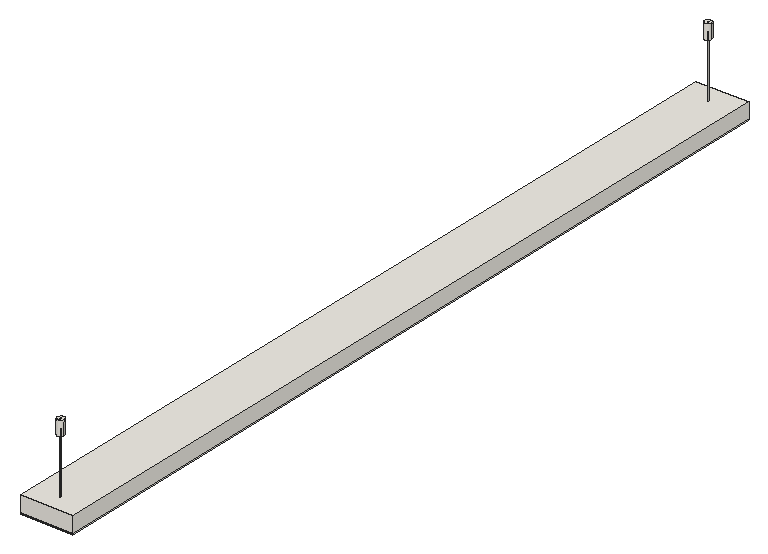
Revit family "ERA_LF_PR_SPO-5-40", category Осветительные приборы, Revit 2019 (continued)
Types (4, lengths in mm): name | Файл фотометрической сетки | built-in parameter 1150142 | Lumens | built-in parameter 1150107 | URL | ADSK_Масса | ADSK_Марка | ADSK_Обозначение | ADSK_Наименование
  SPO-5-40-6K-M (F), LED, IP20, 1200х75х24 мм (ДхШхВ), 36 Вт, 6500 К, 3060 лм, класс защиты I, в комплекте (импульсный драйвер, поликарбонат) | "SPO-5-40-6K-M (F).ies" | "IESNA:LM-63-1995\r\n[DATA] 26.11.2020\r\n[MANUFAC]??РА\r\n[LUMCAT] \r\n[LUMINAIRE] Светильник SPO-5-40-6K-M (F)\r\n[LAMP] Светодиодный модуль\r\nTILT=NONE\r\n1 3477 3.486 181 37 1 2 1.202 0.07 0.025\r\n1 1 38.568\r\n0 1 2 3 4 5 6 7 8 9 10 11 12 13 14 15 16 17 18 19 20 21 22 23 24 25 26 27 28 29 30 31 32 33 34 35 36 37 38 39 40 41 42 43 44 45 46 47 48 49 50 51 52 53 54 55 56 57 58 59 60 61 62 63 64 65 66 67 68 69 70 71 72 73 74 75 76 77 78 79 80 81 82 83 84 85 86 87 88 89 90 91 92 93 94 95 96 97 98 99 100 101 102 103 104 105 106 107 108 109 110 111 112 113 114 115 116 117 118 119 120 121 122 123 124 125 126 127 128 129 130 131 132 133 134 135 136 137 138 139 140 141 142 143 144 145 146 147 148 149 150 151 152 153 154 155 156 157 158 159 160 161 162 163 164 165 166 167 168 169 170 171 172 173 174 175 176 177 178 179 180 \r\n0 10 20 30 40 50 60 70 80 90 100 110 120 130 140 150 160 170 180 190 200 210 220 230 240 250 260 270 280 290 300 310 320 330 340 350 360 \r\n319.5 319.5 319.3 319.1 318.9 318.4 317.9 317.3 316.5 315.6 314.6 313.5 312.3 310.9 309.5 307.9 306.2 304.5 302.6 300.6 298.5 296.4 294.1 291.7 289.2 286.6 283.9 281.1 278.2 275.2 272.2 269.1 265.9 262.6 259.2 255.8 252.4 248.8 245 241.3 237.5 233.7 229.8 225.7 221.6 217.4 213.2 208.9 204.5 200.1 195.7 191.3 186.9 182.3 177.7 173.1 168.5 163.9 159.4 155 150.6 146.3 142.2 138 134 130 126.1 122.2 118.4 114.6 110.9 107.2 103.6 100 96.4 92.9 89.4 85.9 82.6 79.2 75.9 72.7 69.6 66.4 63.3 60.3 57.3 54.4 51.6 48.8 46.1 43.4 40.9 38.4 35.9 33.4 30.9 28.6 26.4 24.3 22.3 20.4 18.6 16.8 15.1 13.6 12 10.6 9.3 8 6.9 5.8 4.8 4 3.2 0 0 0 0 0 0 0 0 0 0 0 0 0 0 0 0 0 0 0 0 0 0 0 0 0 0 0 0 0 0 0 0 0 0 0 0 0 0 0 0 0 0 0 0 0 0 0 0 0 0 0 0 0 0 0 0 0 0 0 0 0 0 0 0 0 0\r\n319.5 319.4 319.3 319 318.6 318.1 317.5 316.8 316 315 314 312.9 311.6 310.2 308.8 307.2 305.5 303.8 301.9 300 297.9 295.7 293.5 291.1 288.7 286.1 283.5 280.7 277.9 275 271.9 268.8 265.6 262.3 258.8 255.4 251.8 248.1 244.3 240.5 236.6 232.6 228.6 224.5 220.3 216.1 211.8 207.4 203 198.6 194.1 189.7 185.2 180.5 175.9 171.3 166.6 162 157.4 152.9 148.4 144.1 139.9 135.8 131.8 127.9 124 120.3 116.5 112.8 109.1 105.4 101.8 98.2 94.7 91.3 87.9 84.5 81.2 77.9 74.7 71.5 68.4 65.3 62.3 59.3 56.4 53.6 50.8 48 45.3 42.7 40.1 37.6 35.1 32.6 30.2 27.8 25.6 23.5 21.5 19.6 17.8 16.1 14.5 12.9 11.5 10 8.7 7.5 6.3 5.3 4.4 3.6 0 0 0 0 0 0 0 0 0 0 0 0 0 0 0 0 0 0 0 0 0 0 0 0 0 0 0 0 0 0 0 0 0 0 0 0 0 0 0 0 0 0 0 0 0 0 0 0 0 0 0 0 0 0 0 0 0 0 0 0 0 0 0 0 0 0 0\r\n319.5 319.4 319.3 319 318.6 318.1 317.5 316.8 316 315 314 312.9 311.6 310.3 308.9 307.3 305.7 303.9 302 300 297.9 295.8 293.5 291.1 288.6 286.1 283.4 280.6 277.8 274.9 271.8 268.7 265.5 262.2 258.8 255.3 251.8 248.2 244.4 240.6 236.7 232.7 228.7 224.6 220.4 216.2 211.9 207.6 203.3 198.8 194.4 189.9 185.5 180.9 176.4 171.8 167.2 162.6 157.9 153.3 148.8 144.3 139.9 135.6 131.5 127.4 123.3 119.4 115.5 111.7 107.9 104.2 100.5 96.8 93.3 89.7 86.3 82.8 79.4 76.1 72.8 69.5 66.4 63.3 60.2 57.2 54.3 51.4 48.6 45.8 43.1 40.5 37.9 35.4 32.9 30.4 27.9 25.6 23.4 21.3 19.4 17.6 15.9 14.3 12.7 11.3 9.9 8.6 7.3 6.2 5.2 4.3 3.5 0 0 0 0 0 0 0 0 0 0 0 0 0 0 0 0 0 0 0 0 0 0 0 0 0 0 0 0 0 0 0 0 0 0 0 0 0 0 0 0 0 0 0 0 0 0 0 0 0 0 0 0 0 0 0 0 0 0 0 0 0 0 0 0 0 0 0 0\r\n319.5 319.5 319.3 319 318.7 318.2 317.6 316.9 316.1 315.2 314.2 313.1 311.8 310.5 309.1 307.5 305.9 304.1 302.2 300.2 298.2 296 293.7 291.3 288.8 286.3 283.7 280.9 278 275.1 272 268.9 265.7 262.4 259 255.5 251.9 248.2 244.4 240.6 236.7 232.7 228.7 224.5 220.3 216.1 211.7 207.4 202.9 198.4 193.9 189.3 184.7 180 175.3 170.6 165.9 161.1 156.3 151.6 146.9 142.2 137.6 133.1 128.6 124.3 120.1 115.9 111.8 107.9 103.9 100.1 96.3 92.5 88.9 85.2 81.7 78.2 74.8 71.4 68.1 64.9 61.7 58.6 55.5 52.5 49.6 46.7 43.9 41.2 38.3 35.7 33.3 30.9 28.5 26 23.6 21.4 19.4 17.5 15.7 14.2 12.6 11.2 9.9 8.6 7.4 6.3 5.2 4.3 3.6 0 0 0 0 0 0 0 0 0 0 0 0 0 0 0 0 0 0 0 0 0 0 0 0 0 0 0 0 0 0 0 0 0 0 0 0 0 0 0 0 0 0 0 0 0 0 0 0 0 0 0 0 0 0 0 0 0 0 0 0 0 0 0 0 0 0 0 0 0 0\r\n319.5 319.4 319.3 319 318.6 318.1 317.5 316.8 316 315.1 314.1 312.9 311.7 310.3 308.9 307.3 305.6 303.8 301.9 300 297.9 295.7 293.4 291.1 288.6 286.1 283.4 280.7 277.8 274.8 271.8 268.6 265.4 262.1 258.7 255.2 251.6 248 244.2 240.3 236.4 232.4 228.3 224.1 219.9 215.6 211.3 206.9 202.4 197.8 193.3 188.6 183.9 179.1 174.4 169.6 164.8 160 155.1 150.3 145.4 140.6 135.8 130.9 126.2 121.5 116.9 112.4 108.1 103.9 99.8 95.7 91.7 87.9 84.1 80.3 76.6 73.1 69.5 66.1 62.7 59.4 56.1 53 49.9 46.9 44 41.1 38.4 35.7 33.1 30.6 28.2 25.8 23.3 20.8 18.5 16.5 14.7 13.1 11.6 10.2 8.9 7.7 6.6 5.5 4.6 3.7 3.1 0 0 0 0 0 0 0 0 0 0 0 0 0 0 0 0 0 0 0 0 0 0 0 0 0 0 0 0 0 0 0 0 0 0 0 0 0 0 0 0 0 0 0 0 0 0 0 0 0 0 0 0 0 0 0 0 0 0 0 0 0 0 0 0 0 0 0 0 0 0 0 0\r\n319.5 319.5 319.3 319 318.6 318.1 317.5 316.7 315.9 314.9 313.9 312.7 311.4 310.1 308.6 307 305.3 303.5 301.5 299.5 297.4 295.2 292.9 290.5 288 285.3 282.6 279.9 277 274.1 271 267.9 264.7 261.5 258.1 254.6 251.1 247.5 243.8 240 236.2 232.2 228.2 224.1 219.8 215.6 211.2 206.8 202.4 197.9 193.3 188.7 184 179.3 174.5 169.7 164.8 159.9 154.9 150 145 140 135 130 125 120 115.1 110.1 105.2 100.5 95.8 91.4 87 82.8 78.8 74.7 70.8 67 63.3 59.7 56.2 52.7 49.4 46.2 43 40 37 34.2 31.5 28.9 26.4 24 21.7 19.3 16.9 14.7 12.7 11.1 9.6 8.4 7.2 6.1 5.1 4.2 3.4 0 0 0 0 0 0 0 0 0 0 0 0 0 0 0 0 0 0 0 0 0 0 0 0 0 0 0 0 0 0 0 0 0 0 0 0 0 0 0 0 0 0 0 0 0 0 0 0 0 0 0 0 0 0 0 0 0 0 0 0 0 0 0 0 0 0 0 0 0 0 0 0 0 0 0 0\r\n319.5 319.5 319.3 319 318.6 318.1 317.5 316.7 315.9 314.9 313.9 312.7 311.5 310.1 308.6 307 305.3 303.5 301.6 299.6 297.5 295.3 293 290.6 288.1 285.5 282.8 280 277.1 274.1 271 267.8 264.6 261.2 257.8 254.2 250.7 247 243.2 239.4 235.5 231.5 227.4 223.3 219.1 214.8 210.5 206.1 201.5 197 192.4 187.7 183 178.1 173.3 168.4 163.4 158.4 153.4 148.3 143.2 138.1 132.9 127.8 122.6 117.4 112.3 107.1 102 96.9 91.8 86.8 81.9 77.1 72.5 68.1 63.8 59.7 55.8 51.9 48.3 44.7 41.3 38 34.8 31.8 28.9 26.1 23.5 21.1 18.8 16.5 14.3 12.1 10.1 8.5 7.1 6.1 5.1 4.2 3.4 0 0 0 0 0 0 0 0 0 0 0 0 0 0 0 0 0 0 0 0 0 0 0 0 0 0 0 0 0 0 0 0 0 0 0 0 0 0 0 0 0 0 0 0 0 0 0 0 0 0 0 0 0 0 0 0 0 0 0 0 0 0 0 0 0 0 0 0 0 0 0 0 0 0 0 0 0 0 0 0\r\n319.5 319.5 319.3 319 318.5 318 317.4 316.7 315.9 314.9 313.9 312.7 311.4 310.1 308.6 307 305.3 303.5 301.6 299.6 297.5 295.3 293 290.6 288.1 285.5 282.8 280.1 277.2 274.3 271.2 268.1 264.8 261.5 258.1 254.6 251 247.3 243.6 239.8 235.9 231.9 227.8 223.7 219.5 215.2 210.8 206.4 201.9 197.3 192.7 188 183.3 178.5 173.6 168.7 163.7 158.6 153.6 148.5 143.3 138.1 132.8 127.6 122.2 116.9 111.6 106.2 100.8 95.4 90.1 84.8 79.6 74.4 69.2 64.1 59.1 54.3 49.6 45.1 40.9 37 33.3 29.8 26.5 23.4 20.5 17.8 15.4 13.1 11.1 9.2 7.5 5.9 4.6 3.6 0 0 0 0 0 0 0 0 0 0 0 0 0 0 0 0 0 0 0 0 0 0 0 0 0 0 0 0 0 0 0 0 0 0 0 0 0 0 0 0 0 0 0 0 0 0 0 0 0 0 0 0 0 0 0 0 0 0 0 0 0 0 0 0 0 0 0 0 0 0 0 0 0 0 0 0 0 0 0 0 0 0 0 0 0\r\n319.5 319.5 319.3 319 318.5 318 317.4 316.7 315.8 314.9 313.8 312.7 311.4 310 308.5 306.9 305.2 303.4 301.5 299.5 297.4 295.2 292.9 290.5 288 285.4 282.7 279.9 277 274.1 271 267.8 264.5 261.2 257.7 254.2 250.6 246.8 243 239.1 235.2 231.1 227 222.8 218.6 214.2 209.9 205.5 200.9 196.3 191.7 187 182.2 177.4 172.4 167.5 162.5 157.4 152.2 147 141.7 136.4 131.1 125.7 120.3 114.9 109.4 103.9 98.4 93 87.5 82 76.5 71.1 65.7 60.3 55 49.9 44.8 39.9 35.2 30.6 26.3 22.3 18.6 15.3 12.4 10 7.9 6.1 4.7 3.5 0 0 0 0 0 0 0 0 0 0 0 0 0 0 0 0 0 0 0 0 0 0 0 0 0 0 0 0 0 0 0 0 0 0 0 0 0 0 0 0 0 0 0 0 0 0 0 0 0 0 0 0 0 0 0 0 0 0 0 0 0 0 0 0 0 0 0 0 0 0 0 0 0 0 0 0 0 0 0 0 0 0 0 0 0 0 0 0 0\r\n319.5 319.5 319.3 319 318.6 318 317.4 316.7 315.8 314.8 313.8 312.6 311.2 309.8 308.3 306.8 305 303.2 301.2 299.2 297.1 294.8 292.5 290 287.5 284.9 282.2 279.4 276.5 273.5 270.4 267.2 264 260.7 257.2 253.7 250.1 246.4 242.6 238.8 234.8 230.8 226.8 222.6 218.4 214.1 209.8 205.4 200.8 196.3 191.6 186.9 182.1 177.2 172.3 167.3 162.2 157.2 152 146.8 141.5 136.2 130.9 125.5 120.1 114.6 109.1 103.5 97.9 92.3 86.7 81.1 75.5 69.9 64.3 58.8 53.3 47.9 42.6 37.4 32.3 27.5 22.8 18.5 14.5 10.9 7.8 5.2 3.2 0 0 0 0 0 0 0 0 0 0 0 0 0 0 0 0 0 0 0 0 0 0 0 0 0 0 0 0 0 0 0 0 0 0 0 0 0 0 0 0 0 0 0 0 0 0 0 0 0 0 0 0 0 0 0 0 0 0 0 0 0 0 0 0 0 0 0 0 0 0 0 0 0 0 0 0 0 0 0 0 0 0 0 0 0 0 0 0 0 0 0 0\r\n319.5 319.5 319.3 319 318.5 318 317.4 316.7 315.8 314.9 313.8 312.7 311.4 310 308.5 306.9 305.2 303.4 301.5 299.5 297.4 295.2 292.9 290.5 288 285.4 282.7 279.9 277 274.1 271 267.8 264.5 261.2 257.7 254.2 250.6 246.8 243 239.1 235.2 231.1 227 222.8 218.6 214.2 209.9 205.5 200.9 196.3 191.7 187 182.2 177.4 172.4 167.5 162.5 157.4 152.2 147 141.7 136.4 131.1 125.7 120.3 114.9 109.4 103.9 98.4 93 87.5 82 76.5 71.1 65.7 60.3 55 49.9 44.8 39.9 35.2 30.6 26.3 22.3 18.6 15.3 12.4 10 7.9 6.1 4.7 3.5 0 0 0 0 0 0 0 0 0 0 0 0 0 0 0 0 0 0 0 0 0 0 0 0 0 0 0 0 0 0 0 0 0 0 0 0 0 0 0 0 0 0 0 0 0 0 0 0 0 0 0 0 0 0 0 0 0 0 0 0 0 0 0 0 0 0 0 0 0 0 0 0 0 0 0 0 0 0 0 0 0 0 0 0 0 0 0 0 0\r\n319.5 319.5 319.3 319 318.5 318 317.4 316.7 315.9 314.9 313.9 312.7 311.4 310.1 308.6 307 305.3 303.5 301.6 299.6 297.5 295.3 293 290.6 288.1 285.5 282.8 280.1 277.2 274.3 271.2 268.1 264.8 261.5 258.1 254.6 251 247.3 243.6 239.8 235.9 231.9 227.8 223.7 219.5 215.2 210.8 206.4 201.9 197.3 192.7 188 183.3 178.5 173.6 168.7 163.7 158.6 153.6 148.5 143.3 138.1 132.8 127.6 122.2 116.9 111.6 106.2 100.8 95.4 90.1 84.8 79.6 74.4 69.2 64.1 59.1 54.3 49.6 45.1 40.9 37 33.3 29.8 26.5 23.4 20.5 17.8 15.4 13.1 11.1 9.2 7.5 5.9 4.6 3.6 0 0 0 0 0 0 0 0 0 0 0 0 0 0 0 0 0 0 0 0 0 0 0 0 0 0 0 0 0 0 0 0 0 0 0 0 0 0 0 0 0 0 0 0 0 0 0 0 0 0 0 0 0 0 0 0 0 0 0 0 0 0 0 0 0 0 0 0 0 0 0 0 0 0 0 0 0 0 0 0 0 0 0 0 0\r\n319.5 319.5 319.3 319 318.6 318.1 317.5 316.7 315.9 314.9 313.9 312.7 311.5 310.1 308.6 307 305.3 303.5 301.6 299.6 297.5 295.3 293 290.6 288.1 285.5 282.8 280 277.1 274.1 271 267.8 264.6 261.2 257.8 254.2 250.7 247 243.2 239.4 235.5 231.5 227.4 223.3 219.1 214.8 210.5 206.1 201.5 197 192.4 187.7 183 178.1 173.3 168.4 163.4 158.4 153.4 148.3 143.2 138.1 132.9 127.8 122.6 117.4 112.3 107.1 102 96.9 91.8 86.8 81.9 77.1 72.5 68.1 63.8 59.7 55.8 51.9 48.3 44.7 41.3 38 34.8 31.8 28.9 26.1 23.5 21.1 18.8 16.5 14.3 12.1 10.1 8.5 7.1 6.1 5.1 4.2 3.4 0 0 0 0 0 0 0 0 0 0 0 0 0 0 0 0 0 0 0 0 0 0 0 0 0 0 0 0 0 0 0 0 0 0 0 0 0 0 0 0 0 0 0 0 0 0 0 0 0 0 0 0 0 0 0 0 0 0 0 0 0 0 0 0 0 0 0 0 0 0 0 0 0 0 0 0 0 0 0 0\r\n319.5 319.5 319.3 319 318.6 318.1 317.5 316.7 315.9 314.9 313.9 312.7 311.4 310.1 308.6 307 305.3 303.5 301.5 299.5 297.4 295.2 292.9 290.5 288 285.3 282.6 279.9 277 274.1 271 267.9 264.7 261.5 258.1 254.6 251.1 247.5 243.8 240 236.2 232.2 228.2 224.1 219.8 215.6 211.2 206.8 202.4 197.9 193.3 188.7 184 179.3 174.5 169.7 164.8 159.9 154.9 150 145 140 135 130 125 120 115.1 110.1 105.2 100.5 95.8 91.4 87 82.8 78.8 74.7 70.8 67 63.3 59.7 56.2 52.7 49.4 46.2 43 40 37 34.2 31.5 28.9 26.4 24 21.7 19.3 16.9 14.7 12.7 11.1 9.6 8.4 7.2 6.1 5.1 4.2 3.4 0 0 0 0 0 0 0 0 0 0 0 0 0 0 0 0 0 0 0 0 0 0 0 0 0 0 0 0 0 0 0 0 0 0 0 0 0 0 0 0 0 0 0 0 0 0 0 0 0 0 0 0 0 0 0 0 0 0 0 0 0 0 0 0 0 0 0 0 0 0 0 0 0 0 0 0\r\n319.5 319.4 319.3 319 318.6 318.1 317.5 316.8 316 315.1 314.1 312.9 311.7 310.3 308.9 307.3 305.6 303.8 301.9 300 297.9 295.7 293.4 291.1 288.6 286.1 283.4 280.7 277.8 274.8 271.8 268.6 265.4 262.1 258.7 255.2 251.6 248 244.2 240.3 236.4 232.4 228.3 224.1 219.9 215.6 211.3 206.9 202.4 197.8 193.3 188.6 183.9 179.1 174.4 169.6 164.8 160 155.1 150.3 145.4 140.6 135.8 130.9 126.2 121.5 116.9 112.4 108.1 103.9 99.8 95.7 91.7 87.9 84.1 80.3 76.6 73.1 69.5 66.1 62.7 59.4 56.1 53 49.9 46.9 44 41.1 38.4 35.7 33.1 30.6 28.2 25.8 23.3 20.8 18.5 16.5 14.7 13.1 11.6 10.2 8.9 7.7 6.6 5.5 4.6 3.7 3.1 0 0 0 0 0 0 0 0 0 0 0 0 0 0 0 0 0 0 0 0 0 0 0 0 0 0 0 0 0 0 0 0 0 0 0 0 0 0 0 0 0 0 0 0 0 0 0 0 0 0 0 0 0 0 0 0 0 0 0 0 0 0 0 0 0 0 0 0 0 0 0 0\r\n319.5 319.5 319.3 319 318.7 318.2 317.6 316.9 316.1 315.2 314.2 313.1 311.8 310.5 309.1 307.5 305.9 304.1 302.2 300.2 298.2 296 293.7 291.3 288.8 286.3 283.7 280.9 278 275.1 272 268.9 265.7 262.4 259 255.5 251.9 248.2 244.4 240.6 236.7 232.7 228.7 224.5 220.3 216.1 211.7 207.4 202.9 198.4 193.9 189.3 184.7 180 175.3 170.6 165.9 161.1 156.3 151.6 146.9 142.2 137.6 133.1 128.6 124.3 120.1 115.9 111.8 107.9 103.9 100.1 96.3 92.5 88.9 85.2 81.7 78.2 74.8 71.4 68.1 64.9 61.7 58.6 55.5 52.5 49.6 46.7 43.9 41.2 38.3 35.7 33.3 30.9 28.5 26 23.6 21.4 19.4 17.5 15.7 14.2 12.6 11.2 9.9 8.6 7.4 6.3 5.2 4.3 3.6 0 0 0 0 0 0 0 0 0 0 0 0 0 0 0 0 0 0 0 0 0 0 0 0 0 0 0 0 0 0 0 0 0 0 0 0 0 0 0 0 0 0 0 0 0 0 0 0 0 0 0 0 0 0 0 0 0 0 0 0 0 0 0 0 0 0 0 0 0 0\r\n319.5 319.4 319.3 319 318.6 318.1 317.5 316.8 316 315 314 312.9 311.6 310.3 308.9 307.3 305.7 303.9 302 300 297.9 295.8 293.5 291.1 288.6 286.1 283.4 280.6 277.8 274.9 271.8 268.7 265.5 262.2 258.8 255.3 251.8 248.2 244.4 240.6 236.7 232.7 228.7 224.6 220.4 216.2 211.9 207.6 203.3 198.8 194.4 189.9 185.5 180.9 176.4 171.8 167.2 162.6 157.9 153.3 148.8 144.3 139.9 135.6 131.5 127.4 123.3 119.4 115.5 111.7 107.9 104.2 100.5 96.8 93.3 89.7 86.3 82.8 79.4 76.1 72.8 69.5 66.4 63.3 60.2 57.2 54.3 51.4 48.6 45.8 43.1 40.5 37.9 35.4 32.9 30.4 27.9 25.6 23.4 21.3 19.4 17.6 15.9 14.3 12.7 11.3 9.9 8.6 7.3 6.2 5.2 4.3 3.5 0 0 0 0 0 0 0 0 0 0 0 0 0 0 0 0 0 0 0 0 0 0 0 0 0 0 0 0 0 0 0 0 0 0 0 0 0 0 0 0 0 0 0 0 0 0 0 0 0 0 0 0 0 0 0 0 0 0 0 0 0 0 0 0 0 0 0 0\r\n319.5 319.4 319.3 319 318.6 318.1 317.5 316.8 316 315 314 312.9 311.6 310.2 308.8 307.2 305.5 303.8 301.9 300 297.9 295.7 293.5 291.1 288.7 286.1 283.5 280.7 277.9 275 271.9 268.8 265.6 262.3 258.8 255.4 251.8 248.1 244.3 240.5 236.6 232.6 228.6 224.5 220.3 216.1 211.8 207.4 203 198.6 194.1 189.7 185.2 180.5 175.9 171.3 166.6 162 157.4 152.9 148.4 144.1 139.9 135.8 131.8 127.9 124 120.3 116.5 112.8 109.1 105.4 101.8 98.2 94.7 91.3 87.9 84.5 81.2 77.9 74.7 71.5 68.4 65.3 62.3 59.3 56.4 53.6 50.8 48 45.3 42.7 40.1 37.6 35.1 32.6 30.2 27.8 25.6 23.5 21.5 19.6 17.8 16.1 14.5 12.9 11.5 10 8.7 7.5 6.3 5.3 4.4 3.6 0 0 0 0 0 0 0 0 0 0 0 0 0 0 0 0 0 0 0 0 0 0 0 0 0 0 0 0 0 0 0 0 0 0 0 0 0 0 0 0 0 0 0 0 0 0 0 0 0 0 0 0 0 0 0 0 0 0 0 0 0 0 0 0 0 0 0\r\n319.5 319.5 319.3 319.1 318.9 318.4 317.9 317.3 316.5 315.6 314.6 313.5 312.3 310.9 309.5 307.9 306.2 304.5 302.6 300.6 298.5 296.4 294.1 291.7 289.2 286.6 283.9 281.1 278.2 275.2 272.2 269.1 265.9 262.6 259.2 255.8 252.4 248.8 245 241.3 237.5 233.7 229.8 225.7 221.6 217.4 213.2 208.9 204.5 200.1 195.7 191.3 186.9 182.3 177.7 173.1 168.5 163.9 159.4 155 150.6 146.3 142.2 138 134 130 126.1 122.2 118.4 114.6 110.9 107.2 103.6 100 96.4 92.9 89.4 85.9 82.6 79.2 75.9 72.7 69.6 66.4 63.3 60.3 57.3 54.4 51.6 48.8 46.1 43.4 40.9 38.4 35.9 33.4 30.9 28.6 26.4 24.3 22.3 20.4 18.6 16.8 15.1 13.6 12 10.6 9.3 8 6.9 5.8 4.8 4 3.2 0 0 0 0 0 0 0 0 0 0 0 0 0 0 0 0 0 0 0 0 0 0 0 0 0 0 0 0 0 0 0 0 0 0 0 0 0 0 0 0 0 0 0 0 0 0 0 0 0 0 0 0 0 0 0 0 0 0 0 0 0 0 0 0 0 0\r\n319.5 319.4 319.3 319 318.6 318.1 317.5 316.8 316 315 314 312.9 311.6 310.2 308.8 307.2 305.5 303.8 301.9 300 297.9 295.7 293.5 291.1 288.7 286.1 283.5 280.7 277.9 275 271.9 268.8 265.6 262.3 258.8 255.4 251.8 248.1 244.3 240.5 236.6 232.6 228.6 224.5 220.3 216.1 211.8 207.4 203 198.6 194.1 189.7 185.2 180.5 175.9 171.3 166.6 162 157.4 152.9 148.4 144.1 139.9 135.8 131.8 127.9 124 120.3 116.5 112.8 109.1 105.4 101.8 98.2 94.7 91.3 87.9 84.5 81.2 77.9 74.7 71.5 68.4 65.3 62.3 59.3 56.4 53.6 50.8 48 45.3 42.7 40.1 37.6 35.1 32.6 30.2 27.8 25.6 23.5 21.5 19.6 17.8 16.1 14.5 12.9 11.5 10 8.7 7.5 6.3 5.3 4.4 3.6 0 0 0 0 0 0 0 0 0 0 0 0 0 0 0 0 0 0 0 0 0 0 0 0 0 0 0 0 0 0 0 0 0 0 0 0 0 0 0 0 0 0 0 0 0 0 0 0 0 0 0 0 0 0 0 0 0 0 0 0 0 0 0 0 0 0 0\r\n319.5 319.4 319.3 319 318.6 318.1 317.5 316.8 316 315 314 312.9 311.6 310.3 308.9 307.3 305.7 303.9 302 300 297.9 295.8 293.5 291.1 288.6 286.1 283.4 280.6 277.8 274.9 271.8 268.7 265.5 262.2 258.8 255.
